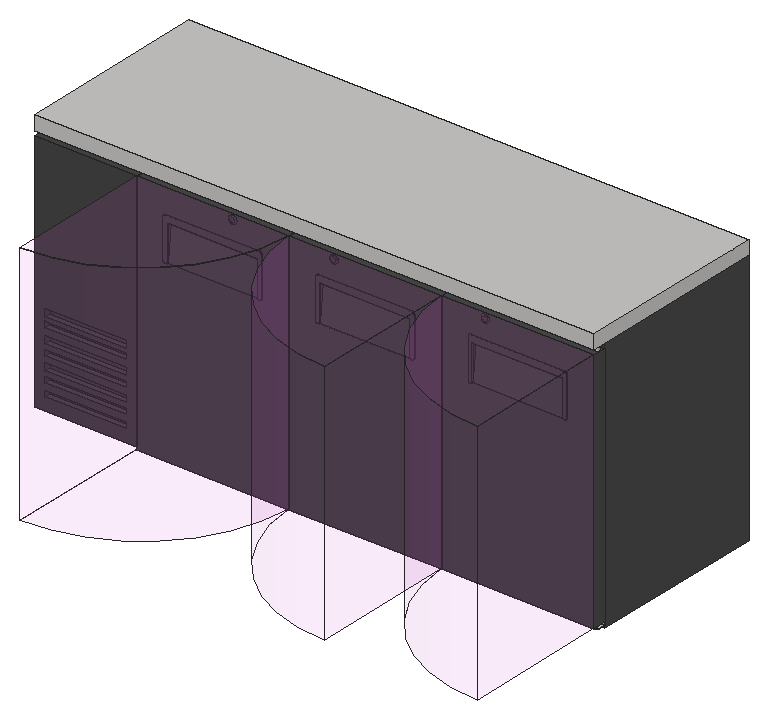
Revit family "QF_True_TBB24-72-3S-Z1-SFT-B-1_Solid_Swing_Door_Back_Bar", category Specialty Equipment, Revit 2021
Family settings
  Round Connector Dimension = Use Diameter
  Part Type = Normal
  Work Plane-Based = No
  Always vertical = Yes
  Cut with Voids When Loaded = No
  Shared = No
  Room Calculation Point = No
Parameters
  Weight in Pounds = 415
  Watts = Volts * FL Amps  # 368 W
  Volts = 115 V
  URL Cutsheet = ""
  Specification by User = ""
  Specification by Manufacturer = ""
  Show Seismic Flanged [instance] = yes
  Show Door Clearance [instance] = yes
  Show Default [instance] = if(or([Show 2" Casters], [Show 3" Casters]), or(or([Show 4" Casters], [Show 5" Casters], [Show 6" Legs]), and([Show 2" Casters], [Show 3" Casters]), and([Show 3" Casters], Show Seismic Flanged)), if(or([Show 4" Casters], [Show 5" Casters]), or(or([Show 6" Legs], Show Seismic Flanged), and([Show 4" Casters], [Show 5" Casters])), if([Show 6" Legs], Show Seismic Flanged, not(Show Seismic Flanged))))  # yes
  Show 6" Legs [instance] = yes
  Show 5" Casters [instance] = yes
  Show 4" Casters [instance] = yes
  Show 3" Casters [instance] = yes
  Show 2" Casters [instance] = yes
  Serial Number = ""
  Seismic Rating = ""
  SMACNA No = ""
  Revision Code = ""
  Phase = 1
  Number of Poles = 1
  NAFEM Spec ID Number = ""
  Model = "TBB24-72-3S-Z1-SFT-B-1"
  Min Ckt Ampacity = 0 A
  Max Overcurrent Protection = 0 A
  Masterspec = ""
  Manufacturer = "True"
  Length = 72 1/32"
  Item Number = ""
  Installed By = ""
  Identify Quantity as Lot = yes
  Height [instance] = Base Height + Body Height  # 34 23/32"
  HP = "1/4"
  Furnished By = ""
  Foodservice Equipment Identifier = yes
  FL Amps = 3.2 A
  Electrical Remarks = ""
  Electric Connection Type = ""
  Elec Conn RI Height = 0"
  Elec Conn Connection Height = 0"
  Door Finish [instance] = QF_Plastic - Black - Smooth
  Description = "Solid Swing Door Back Bar 24\" Depth Single Zone Cooler with Black Sub Top and Black Exterior"
  Depth = 24 7/8"
  Default Elevation = 0"
  Cycle = 60 Hz
  Counter Top Finish [instance] = QF_Metal_Stainless_Polished
  Conn Plug = "NEMA 5-15P"
  Conn Conduit = yes
  CSI MasterFormat = ""
  Body Height [instance] = 34 23/32"
  Body Finish [instance] = QF_Plastic - Black - Smooth
  Base Height [instance] = if(Show Default, 0", if([Show 2" Casters], 2", if([Show 3" Casters], 3", if([Show 4" Casters], 4", if([Show 5" Casters], 5", if([Show 6" Legs], 6", if(Show Seismic Flanged, 6", 0")))))))  # 0"
  Apparent Power = 0 VA
Reference planes (in)
  plane 1 "BACK": y = 0
  plane 2: z = 0
  plane 3 "LEFT": x = 0
  plane 4 "RIGHT": x = 72.03125
  plane 5 "FRONT": y = -24.875
  plane 6 "TOP": z = 34.71875
  plane 7 "Center Y": x = 36.01563
  plane 8 "Center X": y = -12.4375
  plane 9: z = 0
Dimensions and locks (in)
  equal spacing: plane 3 "LEFT", plane 7 "Center Y", plane 4 "RIGHT"
  "Length": plane 3 "LEFT" to plane 4 "RIGHT"
  equal spacing: plane 5 "FRONT", plane 8 "Center X", plane 1 "BACK"
  "Depth": plane 5 "FRONT" to plane 1 "BACK"
  plane 6 "TOP" to level = 34 23/32"
  "Body Height": plane 6 "TOP" to plane 9
  "Base Height": plane 9 to level
  aligned and locked: level to plane 2
  aligned and locked: nested 1 to plane 9
Nested families (in)
  nested 1: "TBB24-72-3S-Z1-BST-B-1" at (0, 0, 0), Show Door Clearance <- "Show Door Clearance", Body Finish <- "Body Finish", Counter Top Finishes <- "Counter Top Finish", Door Finish <- "Door Finish", type "TBB24-72-3S-Z1-BST-B-1"
    with Show Door Clearance yes, Door Finish QF_Plastic - Black - Smooth, Counter Top Finishes QF_Metal_Stainless_Polished, Body Finish QF_Plastic - Black - Smooth
  nested 2: "Family3" at (2.5, -20.9375, 0), Show 2" Casters <- "Show 2" Casters", Show 3" Casters <- "Show 3" Casters", Show 4" Casters <- "Show 4" Casters", Show 5" Casters <- "Show 5" Casters", Show 6" Legs <- "Show 6" Legs", Show Seismic Flanged <- "Show Seismic Flanged", type "Family3"
    with Show Seismic Flanged yes, Show 6" Legs yes, Show 5" Casters yes, Show 4" Casters yes, Show 3" Casters yes, Show 2" Casters yes
  nested 3: "Family3" at (69.53125, -20.9375, 0), Show 2" Casters <- "Show 2" Casters", Show 3" Casters <- "Show 3" Casters", Show 4" Casters <- "Show 4" Casters", Show 5" Casters <- "Show 5" Casters", Show 6" Legs <- "Show 6" Legs", Show Seismic Flanged <- "Show Seismic Flanged", type "Family3"
    with Show Seismic Flanged yes, Show 6" Legs yes, Show 5" Casters yes, Show 4" Casters yes, Show 3" Casters yes, Show 2" Casters yes
  nested 4: "Family3" at (2.5, -2.9375, 0), Show 2" Casters <- "Show 2" Casters", Show 3" Casters <- "Show 3" Casters", Show 4" Casters <- "Show 4" Casters", Show 5" Casters <- "Show 5" Casters", Show 6" Legs <- "Show 6" Legs", Show Seismic Flanged <- "Show Seismic Flanged", type "Family3"
    with Show Seismic Flanged yes, Show 6" Legs yes, Show 5" Casters yes, Show 4" Casters yes, Show 3" Casters yes, Show 2" Casters yes
  nested 5: "Family3" at (69.53125, -2.9375, 0), Show 2" Casters <- "Show 2" Casters", Show 3" Casters <- "Show 3" Casters", Show 4" Casters <- "Show 4" Casters", Show 5" Casters <- "Show 5" Casters", Show 6" Legs <- "Show 6" Legs", Show Seismic Flanged <- "Show Seismic Flanged", type "Family3"
    with Show Seismic Flanged yes, Show 6" Legs yes, Show 5" Casters yes, Show 4" Casters yes, Show 3" Casters yes, Show 2" Casters yes
Connectors (in)
  electrical at (5.92159, 0.23047, 18.36709), driven by "Volts", driven by "Watts"
    settings: on nested 1, index 1, voltage 115 V, apparent load 368 VA, apparent load phase1 0 VA, apparent load phase2 0 VA, apparent load phase3 0 VA, power factor 1, load classification "Other", number of poles 1, system type 30, power factor state 1, is connector primary yes, connector utility no, sub classification motor no, connector description "ELECTRICAL CONNECTION"
Definition of nested family "TBB24-72-3S-Z1-BST-B-1"
  Parameters (values of type "TBB24-72-3S-Z1-BST-B-1")
    Weight in Pounds = 0
    URL Cutsheet = ""
    Specification by User = ""
    Specification by Manufacturer = ""
    Show Door Clearance [instance] = yes
    Serial Number = ""
    Seismic Rating = ""
    SMACNA No = ""
    Revision Code = ""
    NAFEM Spec ID Number = ""
    Masterspec = ""
    Length = 72 1/32"
    Item Number = ""
    Installed By = ""
    Identify Quantity as Lot = yes
    Height = 34 23/32"
    Furnished By = ""
    Foodservice Equipment Identifier = yes
    Door Finish [instance] = none
    Depth = 24 7/8"
    Default Elevation = 0"
    Counter Top Finishes [instance] = none
    CSI MasterFormat = ""
    Body Finish [instance] = none
  Reference planes (in)
    plane 1 "BACK": y = 0
    plane 2: z = 0
    plane 3 "LEFT": x = 0
    plane 4 "RIGHT": x = 72.03125
    plane 5 "FRONT": y = -24.875
    plane 6 "TOP": z = 34.71875
    plane 7 "Center Y": x = 36.01563
    plane 8 "Center X": y = -12.4375
    plane 9: y = -43.625
    plane 10: z = 0.6875
    plane 11: z = 32.9375
    plane 12: z = 23.55589
  Forms (in)
    Extrusion 1, solid, material <- "Counter Top Finishes"
      sketch origin (0, 0, 0) x (1, 0, 0) y (0, 0, 1)
        loop
          line (0, 34.71875) -> (0, 32.9375) -> (72.03125, 32.9375) -> (72.03125, 34.71875) -> (0, 34.71875)
      from 0 to 24.875
    Extrusion 2, solid, material <- "Body Finish"
      sketch origin (0, 0, 0) x (0, 1, 0) y (0, 0, 1)
        loop
          line (0, 32.9375) -> (-23.09422, 32.9375) -> (-23.09422, 0) -> (0, 0) -> (0, 32.9375)
      from 0 to 72.03125
    Extrusion 3, solid
      sketch origin (0, -23.09422, 32.9375) x (0, 0, -1) y (1, 0, 0)
        loop
          line (0.66249, 0) -> (31.95758, 0) -> (31.95758, 13.15625) -> (0.66249, 13.15625) -> (0.66249, 0)
      from 0 to 1.78078
    Extrusion 4, void
      sketch origin (0, -24.875, 32.9375) x (0, 0, 1) y (1, 0, 0)
        loop
          line (-20.06297, 1.27626) -> (-20.06297, 11.8296) -> (-21.06297, 11.8296) -> (-21.06297, 1.27626) -> (-20.06297, 1.27626)
        loop
          line (-21.51705, 1.27626) -> (-21.51705, 11.8296) -> (-22.34419, 11.8296) -> (-22.34419, 1.27626) -> (-21.51705, 1.27626)
        loop
          line (-23.18797, 1.27626) -> (-23.18797, 11.8296) -> (-24.18797, 11.8296) -> (-24.18797, 1.27626) -> (-23.18797, 1.27626)
        loop
          line (-24.76705, 1.27626) -> (-24.76705, 11.8296) -> (-25.59419, 11.8296) -> (-25.59419, 1.27626) -> (-24.76705, 1.27626)
        loop
          line (-26.31297, 1.27626) -> (-26.31297, 11.8296) -> (-27.31297, 11.8296) -> (-27.31297, 1.27626) -> (-26.31297, 1.27626)
        loop
          line (-27.89205, 1.27626) -> (-27.89205, 11.8296) -> (-28.71919, 11.8296) -> (-28.71919, 1.27626) -> (-27.89205, 1.27626)
        loop
          line (-29.51705, 1.27626) -> (-29.51705, 11.8296) -> (-30.34419, 11.8296) -> (-30.34419, 1.27626) -> (-29.51705, 1.27626)
      from 0 to 0.83594
    Extrusion 5, solid
      sketch origin (0, 0, 32.6875) x (0, 0, 1) y (1, 0, 0)
        loop
          arc (-12.59037, 11.27264) -> (-12.81004, 11.80298) -> (-13.34037, 12.02264) r 0.75
          line (-13.34037, 12.02264) -> (-31.375, 12.02264)
          arc (-31.375, 12.02264) -> (-31.90533, 11.80298) -> (-32.125, 11.27264) r 0.75
          line (-32.125, 11.27264) -> (-32.125, 0.75)
          arc (-32.125, 0.75) -> (-31.90533, 0.21967) -> (-31.375, 0) r 0.75
          line (-31.375, 0) -> (-13.34037, 0)
          arc (-13.34037, 0) -> (-12.81004, 0.21967) -> (-12.59037, 0.75) r 0.75
          line (-12.59037, 0.75) -> (-12.59037, 5.19897) -> (-12.14941, 5.19897)
          arc (-12.14941, 5.19897) -> (-11.39941, 5.94897) -> (-12.14941, 6.69897) r 0.75
          line (-12.14941, 6.69897) -> (-12.59037, 6.69897) -> (-12.59037, 11.27264)
      from 0 to 0.03125
    Extrusion 6, solid
      sketch origin (0, 0.03125, 32.6875) x (0, 0, 1) y (1, 0, 0)
        loop
          line (-11.64941, 5.94897) -> (-11.89941, 6.38198) -> (-12.39941, 6.38198) -> (-12.64941, 5.94897) -> (-12.39941, 5.51596) -> (-11.89941, 5.51596) -> (-11.64941, 5.94897)
      from 0 to 0.19922
    Extrusion 7, solid
      sketch origin (0, 0.03125, 32.6875) x (0, 0, 1) y (1, 0, 0)
        loop
          circle (-14.32041, 5.92159) r 0.5
      from 0 to 0.19922
    Extrusion 8, solid, material <- "Door Finish"
      sketch origin (0, -23.09422, 32.9375) x (0, 0, -1) y (1, 0, 0)
        loop
          line (0.66249, 72.03125) -> (0.66249, 52.40625) -> (32.25, 52.40625) -> (32.25, 72.03125) -> (0.66249, 72.03125)
      from 0 to 1.78078
    Extrusion 9, solid, material <- "Door Finish"
      sketch origin (0, -23.09422, 32.9375) x (0, 0, -1) y (1, 0, 0)
        loop
          line (0.66249, 52.40625) -> (0.66249, 32.78125) -> (32.25, 32.78125) -> (32.25, 52.40625) -> (0.66249, 52.40625)
      from 0 to 1.78078
    Extrusion 10, solid, material <- "Door Finish"
      sketch origin (0, -23.09422, 32.9375) x (0, 0, -1) y (1, 0, 0)
        loop
          line (0.66249, 32.78125) -> (0.66249, 13.15625) -> (32.25, 13.15625) -> (32.25, 32.78125) -> (0.66249, 32.78125)
      from 0 to 1.78078
    Extrusion 11, solid, material <- "Door Finish"
      sketch origin (84, -24.875, 35.99786) x (0, 0, -1) y (1, 0, 0)
        loop
          arc (7.19767, -35.06214) -> (6.92975, -35.17312) -> (6.81877, -35.44104) r 0.37891
          line (6.81877, -35.44104) -> (6.81877, -47.37146)
          arc (6.81877, -47.37146) -> (6.92953, -47.63887) -> (7.19695, -47.74964) r 0.37818
          line (7.19695, -47.74964) -> (12.19377, -47.74964)
          arc (12.19377, -47.74964) -> (12.44197, -47.50143) -> (12.19377, -47.25323) r 0.2482
          line (12.19377, -47.25323) -> (8.12997, -47.25323)
          arc (8.12997, -47.25323) -> (7.86204, -47.14225) -> (7.75107, -46.87433) r 0.37891
          line (7.75107, -46.87433) -> (7.75107, -35.99995)
          arc (7.75107, -35.99995) -> (7.86204, -35.73202) -> (8.12997, -35.62104) r 0.37891
          line (8.12997, -35.62104) -> (12.16252, -35.62104)
          arc (12.16252, -35.62104) -> (12.44197, -35.34159) -> (12.16252, -35.06214) r 0.27945
          line (12.16252, -35.06214) -> (7.19767, -35.06214)
        loop
          line (7.19767, -67.40625) -> (12.16252, -67.40625)
          arc (12.16252, -67.40625) -> (12.44197, -67.1268) -> (12.16252, -66.84735) r 0.27945
          line (12.16252, -66.84735) -> (8.12997, -66.84735)
          arc (8.12997, -66.84735) -> (7.86204, -66.73637) -> (7.75107, -66.46844) r 0.37891
          line (7.75107, -66.46844) -> (7.75107, -55.59406)
          arc (7.75107, -55.59406) -> (7.86204, -55.32613) -> (8.12997, -55.21515) r 0.37891
          line (8.12997, -55.21515) -> (12.19377, -55.21515)
          arc (12.19377, -55.21515) -> (12.44197, -54.96695) -> (12.19377, -54.71875) r 0.2482
          line (12.19377, -54.71875) -> (7.19695, -54.71875)
          arc (7.19695, -54.71875) -> (6.92953, -54.82952) -> (6.81877, -55.09693) r 0.37818
          line (6.81877, -55.09693) -> (6.81877, -67.02734)
          arc (6.81877, -67.02734) -> (6.92975, -67.29527) -> (7.19767, -67.40625) r 0.37891
        loop
          arc (7.19767, -15.40625) -> (6.92975, -15.51723) -> (6.81877, -15.78516) r 0.37891
          line (6.81877, -15.78516) -> (6.81877, -27.71557)
          arc (6.81877, -27.71557) -> (6.92953, -27.98298) -> (7.19695, -28.09375) r 0.37818
          line (7.19695, -28.09375) -> (12.19377, -28.09375)
          arc (12.19377, -28.09375) -> (12.44197, -27.84555) -> (12.19377, -27.59735) r 0.2482
          line (12.19377, -27.59735) -> (8.12997, -27.59735)
          arc (8.12997, -27.59735) -> (7.86204, -27.48637) -> (7.75107, -27.21844) r 0.37891
          line (7.75107, -27.21844) -> (7.75107, -16.34406)
          arc (7.75107, -16.34406) -> (7.86204, -16.07613) -> (8.12997, -15.96515) r 0.37891
          line (8.12997, -15.96515) -> (12.16252, -15.96515)
          arc (12.16252, -15.96515) -> (12.44197, -15.6857) -> (12.16252, -15.40625) r 0.27945
          line (12.16252, -15.40625) -> (7.19767, -15.40625)
      from 0 to 0.03125
    Extrusion 12, void
      sketch origin (14.17365, -24.875, 27.86788) x (0, 0, 1) y (0, 1, 0)
        loop
          line (0.37891, -0.24253) -> (0.37891, 0.5) -> (-4.312, 0) -> (-4.312, -0.24253) -> (0.37891, -0.24253)
      from -2.979 to -14.61119
    Extrusion 13, void
      sketch origin (33.76777, -24.875, 27.86788) x (0, 0, 1) y (0, 1, 0)
        loop
          line (0.37891, -0.24253) -> (0.37891, 0.5) -> (-4.312, 0) -> (-4.312, -0.24253) -> (0.37891, -0.24253)
      from -2.979 to -14.61119
    Extrusion 14, void
      sketch origin (53.42365, -24.875, 27.86788) x (0, 0, 1) y (0, 1, 0)
        loop
          line (0.37891, -0.24253) -> (0.37891, 0.5) -> (-4.312, 0) -> (-4.312, -0.24253) -> (0.37891, -0.24253)
      from -2.979 to -14.61119
    Blend 15, solid, material <- "Door Finish"
      base sketch origin (55.62282, -24.875, 35.99786) x (0, 0, -1) y (1, 0, 0)
        loop
          circle (4.37806, -30.11945) r 0.5
      top sketch origin (55.62282, -24.875, 35.99786) x (0, 0, 1) y (1, 0, 0)
        loop
          circle (-4.37806, -30.11945) r 0.37406
      from 0 to 0.07959
    Blend 16, solid, material <- "Door Finish"
      base sketch origin (55.62282, -24.875, 35.99786) x (0, 0, -1) y (1, 0, 0)
        loop
          circle (4.37806, -17.0582) r 0.5
      top sketch origin (55.62282, -24.875, 35.99786) x (0, 0, 1) y (1, 0, 0)
        loop
          circle (-4.37806, -17.0582) r 0.37406
      from 0 to 0.07959
    Blend 17, solid, material <- "Door Finish"
      base sketch origin (75.12282, -24.875, 35.99786) x (0, 0, -1) y (1, 0, 0)
        loop
          circle (4.37806, -17.0582) r 0.5
      top sketch origin (75.12282, -24.875, 35.99786) x (0, 0, 1) y (1, 0, 0)
        loop
          circle (-4.37806, -17.0582) r 0.37406
      from 0 to 0.07959
    Revolve 18, solid
      sketch origin (13.65625, -180, 0.6875) x (0, 0, -1) y (0, -1, 0)
        loop
          line (-31.58751, -156.24977) -> (-32.25, -156.24977) -> (-32.25, -156.74977) -> (-32.1201, -156.74977) -> (-32.1201, -156.49977) -> (-31.58751, -156.49977) -> (-31.58751, -156.24977)
        axis (-32.25, -156.24977) -> (-31.58751, -156.24977)
      angle from 0 to 360
    Revolve 19, solid
      sketch origin (13.65532, -180.05443, 0.39756) x (0, 0, 1) y (0, 1, 0)
        loop
          line (0.28994, 156.29571) -> (0.28994, 156.48985) -> (0, 156.48985) -> (0, 156.29571) -> (0.28994, 156.29571)
        axis (0.28994, 156.29571) -> (0, 156.29571)
      angle from 0 to 360
    Revolve 20, solid
      sketch origin (71.53125, -180, 0.6875) x (0, 0, -1) y (0, 1, 0)
        loop
          line (-31.58751, 156.24977) -> (-31.58751, 156.49977) -> (-32.1201, 156.49977) -> (-32.1201, 156.74977) -> (-32.25, 156.74977) -> (-32.25, 156.24977) -> (-31.58751, 156.24977)
        axis (-32.25, 156.24977) -> (-31.58751, 156.24977)
      angle from 0 to 360
    Revolve 21, solid
      sketch origin (71.50341, -180.05443, 0.39756) x (0, 0, 1) y (0, -1, 0)
        loop
          line (0.28994, -156.29571) -> (0, -156.29571) -> (0, -156.48985) -> (0.28994, -156.48985) -> (0.28994, -156.29571)
        axis (0.28994, -156.29571) -> (0, -156.29571)
      angle from 0 to 360
    Extrusion 22, solid
      sketch origin (-14.8043, -180.46875, 0.33506) x (-1, 0, 0) y (0, -1, 0)
        loop
          line (-27.96055, -157.37453) -> (-27.96055, -156.39831)
          arc (-27.96055, -156.39831) -> (-28.00348, -156.29467) -> (-28.10712, -156.25173) r 0.14658
          line (-28.10712, -156.25173) -> (-28.51541, -156.25173)
          arc (-28.51541, -156.25173) -> (-28.59865, -156.26829) -> (-28.66923, -156.31545) r 0.21754
          line (-28.66923, -156.31545) -> (-29.51188, -157.1581)
          arc (-29.51188, -157.1581) -> (-29.53936, -157.29627) -> (-29.42223, -157.37453) r 0.12678
          line (-29.42223, -157.37453) -> (-27.96055, -157.37453)
        loop
          line (-67.21055, -157.37453) -> (-65.74886, -157.37453)
          arc (-65.74886, -157.37453) -> (-65.63173, -157.29627) -> (-65.65921, -157.1581) r 0.12678
          line (-65.65921, -157.1581) -> (-66.50186, -156.31545)
          arc (-66.50186, -156.31545) -> (-66.57244, -156.26829) -> (-66.65568, -156.25173) r 0.21754
          line (-66.65568, -156.25173) -> (-67.06397, -156.25173)
          arc (-67.06397, -156.25173) -> (-67.16761, -156.29467) -> (-67.21055, -156.39831) r 0.14658
          line (-67.21055, -156.39831) -> (-67.21055, -157.37453)
      from 0 to 0.0625
    Extrusion 23, solid
      sketch origin (-7.625, -23.09422, 32.9375) x (0, 0, -1) y (1, 0, 0)
        loop
          line (32.60244, 20.78125) -> (32.60244, 22.36972) -> (32.25, 22.36972) -> (32.25, 20.78125) -> (32.60244, 20.78125)
        loop
          line (32.60244, 60.03125) -> (32.25, 60.03125) -> (32.25, 58.44278) -> (32.60244, 58.44278) -> (32.60244, 60.03125)
      from 0 to 0.0625
    Revolve 24, solid
      sketch origin (51.90625, -180, 0.6875) x (0, 0, -1) y (0, 1, 0)
        loop
          line (-31.58751, 156.24977) -> (-31.58751, 156.49977) -> (-32.1201, 156.49977) -> (-32.1201, 156.74977) -> (-32.25, 156.74977) -> (-32.25, 156.24977) -> (-31.58751, 156.24977)
        axis (-32.25, 156.24977) -> (-31.58751, 156.24977)
      angle from 0 to 360
    Revolve 25, solid
      sketch origin (51.87841, -180.05443, 0.39756) x (0, 0, 1) y (0, -1, 0)
        loop
          line (0.28994, -156.29571) -> (0, -156.29571) -> (0, -156.48985) -> (0.28994, -156.48985) -> (0.28994, -156.29571)
        axis (0.28994, -156.29571) -> (0, -156.29571)
      angle from 0 to 360
    Extrusion 26, solid
      sketch origin (12, -23.09422, 32.9375) x (0, 0, -1) y (1, 0, 0)
        loop
          line (32.60244, 60.03125) -> (32.25, 60.03125) -> (32.25, 58.44278) -> (32.60244, 58.44278) -> (32.60244, 60.03125)
      from 0 to 0.0625
    Extrusion 27, solid
      sketch origin (4.8207, -180.46875, 0.33506) x (-1, 0, 0) y (0, -1, 0)
        loop
          line (-67.21055, -157.37453) -> (-65.74886, -157.37453)
          arc (-65.74886, -157.37453) -> (-65.63173, -157.29627) -> (-65.65921, -157.1581) r 0.12678
          line (-65.65921, -157.1581) -> (-66.50186, -156.31545)
          arc (-66.50186, -156.31545) -> (-66.57244, -156.26829) -> (-66.65568, -156.25173) r 0.21754
          line (-66.65568, -156.25173) -> (-67.06397, -156.25173)
          arc (-67.06397, -156.25173) -> (-67.16761, -156.29467) -> (-67.21055, -156.39831) r 0.14658
          line (-67.21055, -156.39831) -> (-67.21055, -157.37453)
      from 0 to 0.0625
    Extrusion 28, solid, visible <- "Show Door Clearance"
      sketch origin (45.95654, -23.09422, 0.6875) x (0, -1, 0) y (-1, 0, 0)
        loop
          arc (1.78078, 13.17529) -> (15.09548, 19.22374) -> (20.53077, 32.80029) r 19.625
          line (20.53077, 32.80029) -> (1.78078, 32.80029) -> (1.78078, 13.17529)
      from 0 to -31.58751
    Extrusion 29, solid, visible <- "Show Door Clearance"
      sketch origin (45.95654, -23.09422, 0.6875) x (0, -1, 0) y (-1, 0, 0)
        loop
          line (1.78078, 13.17529) -> (1.78078, -6.44971) -> (20.53077, -6.44971)
          arc (20.53077, -6.44971) -> (15.09548, 7.12683) -> (1.78078, 13.17529) r 19.625
      from 0 to -31.58751
    Extrusion 30, solid, visible <- "Show Door Clearance"
      sketch origin (45.95654, -23.09422, 0.6875) x (0, -1, 0) y (-1, 0, 0)
        loop
          line (1.78078, -6.44971) -> (1.78078, -26.07471) -> (20.53077, -26.07471)
          arc (20.53077, -26.07471) -> (15.09548, -12.49817) -> (1.78078, -6.44971) r 19.625
      from 0 to -31.58751
  Cuts and joins
    Extrusion 4 cuts Extrusion 2
    Extrusion 4 cuts Extrusion 3
    Extrusion 12, Extrusion 13 cuts Extrusion 10
    Extrusion 12, Extrusion 13, Extrusion 14 cuts Extrusion 11
    Extrusion 12, Extrusion 13, Extrusion 14 cuts Extrusion 9
    Extrusion 13, Extrusion 14 cuts Extrusion 8
  Lines and regions (in)
    Split face 1
      outline origin (0, 0.03125, 32.6875) x (0, 0, 1) y (1, 0, 0)
        loop
          line (-15.04167, 10.7061) -> (-29.59231, 10.7061) -> (-29.59231, 0.9561) -> (-15.04167, 0.9561) -> (-15.04167, 10.7061)
    Split face 2
      outline origin (72.03125, 0, 0) x (-1, 0, 0) y (0, 0, 1)
        loop
          line (60.03125, 32.9375) -> (60.03125, 0)
        loop
          line (57.65625, 0) -> (57.65625, 32.9375)
        loop
          line (2.75, 32.9375) -> (2.75, 0)
    Split face 3
      outline origin (0, -24.875, 32.27501) x (-1, 0, 0) y (0, 0, -1)
        loop
          line (-2.26866, 1.36126) -> (-2.26866, 2.86126) -> (-10.572, 2.86126) -> (-10.572, 1.36126) -> (-2.26866, 1.36126)
    symbolic lines
      curve 1: line (72.03125, 0, 0) -> (0, 0, 0)
      curve 2: line (0, 0, 0) -> (0, -24.875, 0)
      curve 3: line (0, -24.875, 0) -> (72.03125, -24.875, 0)
      curve 4: line (72.03125, -24.875, 0) -> (72.03125, 0, 0)
    symbolic lines, visible <- "Show Door Clearance"
      curve 5: arc (32.78125, -24.875, 0) -> (31.90289, -29.86816, 0) -> (29.77475, -34.46969, 0) r 19.625
      curve 6: arc (35.78775, -34.46969, 0) -> (33.65961, -29.86816, 0) -> (32.78125, -24.875, 0) r 19.625
      curve 7: arc (55.41275, -34.46969, 0) -> (53.28461, -29.86816, 0) -> (52.40625, -24.875, 0) r 19.625
      curve 8: line (13.15625, -24.875, 0) -> (29.77475, -34.46969, 0)
      curve 9: line (52.40625, -24.875, 0) -> (35.78775, -34.46969, 0)
      curve 10: line (72.03125, -24.875, 0) -> (55.41275, -34.46969, 0)
  Dimensions and locks (in)
    equal spacing: plane 3 "LEFT", plane 7 "Center Y", plane 4 "RIGHT"
    "Length": plane 3 "LEFT" to plane 4 "RIGHT"
    equal spacing: plane 5 "FRONT", plane 8 "Center X", plane 1 "BACK"
    "Depth": plane 5 "FRONT" to plane 1 "BACK"
    "Height": plane 6 "TOP" to level
    plane 1 "BACK" to plane 9 = 43 5/8"
    plane 10 to level = 11/16"
    plane 5 "FRONT" to plane 1 "BACK" = 24 7/8"
    plane 9 to plane 1 "BACK" = 43 5/8"
    plane 6 "TOP" to plane 11 = 1 25/32"
    plane 5 "FRONT" to plane 9 = 18 3/4"
    aligned and locked: level to plane 2
  Automatic sketch dimensions
    Extrusion 1 sketch curve to plane 3 "LEFT" = 0"
    plane 4 "RIGHT" to Extrusion 1 sketch curve = 0"
    Extrusion 1 sketch curve to plane 11 = 0"
    Extrusion 1 sketch curve to plane 6 "TOP" = 0"
    plane 11 to Extrusion 2 sketch curve = 0"
    Extrusion 2 sketch curve to level = 0"
    Extrusion 2 sketch curve to plane 1 "BACK" = 0"
    Extrusion 2 sketch curve to plane 5 "FRONT" = 1.78078"
    Extrusion 3 sketch curve to Extrusion 2 = 0"
    Extrusion 3 sketch curve to Extrusion 2 = 0.66249"
    Extrusion 3 sketch curve to Extrusion 2 = 0.97992"
    Extrusion 2 to Extrusion 3 sketch curve = 13 5/32"
    Extrusion 3 to Extrusion 4 sketch curve = 1.61339"
    Extrusion 4 sketch curve to Extrusion 4 sketch curve = 0.82714"  (x4)
    Extrusion 4 sketch curve to Extrusion 4 sketch curve = 0.79786"
    Extrusion 4 sketch curve to Extrusion 4 sketch curve = 0.57908"  (x2)
    Extrusion 4 sketch curve to Extrusion 4 sketch curve = 1"  (x3)
    Extrusion 4 sketch curve to Extrusion 4 sketch curve = 0.71878"
    Extrusion 4 sketch curve to Extrusion 4 sketch curve = 0.84378"
    Extrusion 4 sketch curve to Extrusion 4 sketch curve = 0.45408"
    Extrusion 3 to Extrusion 4 sketch curve = 1.27626"  (x2)
    Extrusion 4 sketch curve to Extrusion 4 sketch curve = 0"  (x11)
    Extrusion 3 to Extrusion 4 sketch curve = 1.32665"
    Extrusion 5 sketch curve to Extrusion 2 = 0"
    Extrusion 2 to Extrusion 5 sketch curve = 9/16"
    Extrusion 5 sketch curve to Extrusion 5 sketch curve = 3/4"  (x3)
    Extrusion 5 sketch curve to Extrusion 2 = 13.59037"
    Extrusion 2 to Extrusion 5 sketch curve = 3/4"
    Extrusion 5 sketch curve to Extrusion 5 sketch curve = 0"  (x2)
    Extrusion 5 sketch curve to Extrusion 5 sketch curve = 0.44096"
    Extrusion 5 sketch curve to Extrusion 5 sketch curve = 4.44897"
    Extrusion 5 sketch curve to Extrusion 5 sketch curve = 10.52264"
    Split face 1 sketch curve to Extrusion 5 = 2.53269"
    Split face 1 sketch curve to Extrusion 5 = 2.4513"
    Split face 1 sketch curve to Extrusion 5 = 0.9561"
    Split face 1 sketch curve to Extrusion 5 = 1.31655"
    Extrusion 6 sketch curve to Extrusion 5 = 0.05904"
    Extrusion 5 to Extrusion 6 sketch curve = 0.19096"  (x2)
    Extrusion 6 sketch curve to Extrusion 5 = 0.31699"  (x2)
    Extrusion 6 sketch curve to Extrusion 6 sketch curve = 1/2"  (x2)
    Extrusion 6 sketch curve to Extrusion 6 sketch curve = 1/4"
    Extrusion 6 sketch curve to Extrusion 6 sketch curve = 0.43301"  (x2)
    Extrusion 7 sketch curve to Extrusion 5 = 0.72262"
    Extrusion 7 sketch curve to Extrusion 5 = 1.73005"
    Split face 2 sketch curve to cut or joined group of Extrusion 2, Extrusion 4 = 0"  (x6)
    Split face 2 sketch curve to cut or joined group of Extrusion 2, Extrusion 4 = 2 3/4"
    Split face 2 sketch curve to cut or joined group of Extrusion 2, Extrusion 4 = 14 3/8"
    Split face 2 sketch curve to Split face 2 sketch curve = 2 3/8"
    Split face 3 sketch curve to cut or joined group of Extrusion 3, Extrusion 4 = 1.2576"
    Split face 3 sketch curve to cut or joined group of Extrusion 3, Extrusion 4 = 0.9924"
    Split face 3 sketch curve to cut or joined group of Extrusion 3, Extrusion 4 = 1.36126"
    Split face 3 sketch curve to Split face 3 sketch curve = 1 1/2"
    Extrusion 2 to Extrusion 8 sketch curve = 0"
    Extrusion 8 sketch curve to Extrusion 2 = 0.66249"
    Extrusion 8 sketch curve to Extrusion 2 = 11/16"
    Extrusion 2 to Extrusion 8 sketch curve = 19 5/8"
    Extrusion 9 sketch curve to Extrusion 2 = 0.66249"
    Extrusion 9 sketch curve to Extrusion 2 = 11/16"
    Extrusion 2 to Extrusion 9 sketch curve = 32 25/32"
    Extrusion 2 to Extrusion 9 sketch curve = 19 5/8"
    Extrusion 10 sketch curve to Extrusion 2 = 0.66249"
    Extrusion 10 sketch curve to Extrusion 2 = 11/16"
    Extrusion 2 to Extrusion 10 sketch curve = 13 5/32"
    Extrusion 10 sketch curve to Extrusion 10 sketch curve = 19 5/8"
    plane 11 to Extrusion 11 sketch curve = 3.75841"  (x3)
    Extrusion 11 sketch curve to Extrusion 11 sketch curve = 0.37818"  (x3)
    plane 7 "Center Y" to Extrusion 11 sketch curve = 0.23474"
    Extrusion 11 sketch curve to Extrusion 11 sketch curve = 97/256"  (x9)
    Extrusion 11 sketch curve to Extrusion 11 sketch curve = 0.55339"  (x2)
    Extrusion 11 sketch curve to Extrusion 11 sketch curve = 0.55412"
    plane 12 to Extrusion 11 sketch curve = 0.27945"  (x3)
    plane 12 to Extrusion 11 sketch curve = 0.2482"  (x3)
    Extrusion 11 sketch curve to plane 7 "Center Y" = 6 47/64"
    Extrusion 11 sketch curve to Extrusion 11 sketch curve = 0.2482"  (x3)
    Extrusion 11 sketch curve to Extrusion 11 sketch curve = 10.87438"  (x2)
    Extrusion 11 sketch curve to Extrusion 11 sketch curve = 0.5589"  (x3)
    Extrusion 11 sketch curve to Extrusion 11 sketch curve = 6.96839"
    plane 4 "RIGHT" to Extrusion 11 sketch curve = 4.37531"
    Extrusion 12 sketch curve to plane 5 "FRONT" = 0"
    Extrusion 12 sketch curve to plane 12 = 0"
    plane 5 "FRONT" to Extrusion 12 sketch curve = 0.24253"
    plane 11 to Extrusion 12 sketch curve = 4.69071"
    Extrusion 12 sketch curve to plane 5 "FRONT" = 1/2"
    Extrusion 13 sketch curve to plane 5 "FRONT" = 0"
    Extrusion 13 sketch curve to plane 12 = 0"
    plane 5 "FRONT" to Extrusion 13 sketch curve = 0.24253"
    plane 11 to Extrusion 13 sketch curve = 4.69071"
    Extrusion 13 sketch curve to plane 5 "FRONT" = 1/2"
    Extrusion 14 sketch curve to plane 5 "FRONT" = 0"
    Extrusion 14 sketch curve to plane 12 = 0"
    plane 5 "FRONT" to Extrusion 14 sketch curve = 0.24253"
    plane 11 to Extrusion 14 sketch curve = 4.69071"
    Extrusion 14 sketch curve to plane 5 "FRONT" = 1/2"
    plane 11 to Blend 15 sketch curve = 1.31771"  (x2)
    Blend 15 sketch curve to plane 7 "Center Y" = 10.51226"  (x2)
    plane 11 to Blend 16 sketch curve = 1.31771"  (x2)
    plane 7 "Center Y" to Blend 16 sketch curve = 2.54899"  (x2)
    plane 11 to Blend 17 sketch curve = 1.31771"  (x2)
    plane 4 "RIGHT" to Blend 17 sketch curve = 13.96663"  (x2)
    plane 11 to Revolve 18 sketch curve = 0"  (x2)
    plane 11 to Revolve 18 sketch curve = 0.1299"  (x2)
    Revolve 18 sketch curve to Revolve 18 sketch curve = 0.53259"
    Revolve 18 sketch curve to plane 5 "FRONT" = 1.62477"
    Revolve 18 sketch curve to Revolve 18 sketch curve = 1/4"  (x2)
    Revolve 18 sketch curve to Revolve 18 sketch curve = 0"
    Revolve 19 sketch curve to plane 10 = 0"  (x2)
    Revolve 19 sketch curve to plane 10 = 0.28994"
    Revolve 19 sketch curve to plane 5 "FRONT" = 1.11628"
    Revolve 19 sketch curve to Revolve 19 sketch curve = 0.19414"
    Revolve 19 sketch curve to plane 10 = 0.14497"
    Revolve 19 sketch curve to Revolve 19 sketch curve = 0"
    plane 11 to Revolve 20 sketch curve = 0"  (x2)
    plane 11 to Revolve 20 sketch curve = 0.1299"  (x2)
    Revolve 20 sketch curve to Revolve 20 sketch curve = 0.53259"
    Revolve 20 sketch curve to plane 5 "FRONT" = 1.12477"
    Revolve 20 sketch curve to Revolve 20 sketch curve = 1/4"  (x2)
    Revolve 20 sketch curve to Revolve 20 sketch curve = 0"
    Revolve 21 sketch curve to plane 10 = 0"  (x2)
    Revolve 21 sketch curve to plane 10 = 0.28994"
    Revolve 21 sketch curve to plane 5 "FRONT" = 1.31042"
    Revolve 21 sketch curve to Revolve 21 sketch curve = 0.19414"
    Revolve 21 sketch curve to plane 10 = 0.14497"
    Revolve 21 sketch curve to Revolve 21 sketch curve = 0"
    Extrusion 22 sketch curve to plane 5 "FRONT" = 1.78078"
    plane 7 "Center Y" to Extrusion 22 sketch curve = 16 25/64"
    Extrusion 22 sketch curve to Extrusion 22 sketch curve = 0.14658"  (x2)
    Extrusion 22 sketch curve to Extrusion 22 sketch curve = 0.40828"  (x2)
    Extrusion 22 sketch curve to plane 5 "FRONT" = 0.7217"  (x2)
    Extrusion 22 sketch curve to Extrusion 22 sketch curve = 0.15382"  (x4)
    Extrusion 22 sketch curve to Extrusion 22 sketch curve = 0.90682"
    Extrusion 22 sketch curve to plane 5 "FRONT" = 1.56435"  (x2)
    Extrusion 22 sketch curve to Extrusion 22 sketch curve = 0.08965"  (x2)
    plane 3 "LEFT" to Extrusion 22 sketch curve = 14.70758"
    Extrusion 22 sketch curve to Extrusion 22 sketch curve = 0.84265"
    Extrusion 22 sketch curve to Extrusion 22 sketch curve = 1.05908"
    Extrusion 23 sketch curve to plane 10 = 0"  (x2)
    level to Extrusion 23 sketch curve = 0.33506"  (x2)
    plane 3 "LEFT" to Extrusion 23 sketch curve = 13 5/32"
    Extrusion 23 sketch curve to Extrusion 23 sketch curve = 1.58847"  (x2)
    plane 7 "Center Y" to Extrusion 23 sketch curve = 14.80216"
    plane 11 to Revolve 24 sketch curve = 0"  (x2)
    plane 11 to Revolve 24 sketch curve = 0.1299"  (x2)
    Revolve 24 sketch curve to Revolve 24 sketch curve = 0.53259"
    Revolve 24 sketch curve to plane 5 "FRONT" = 1.12477"
    Revolve 24 sketch curve to Revolve 24 sketch curve = 1/4"  (x2)
    Revolve 24 sketch curve to Revolve 24 sketch curve = 0"
    Revolve 25 sketch curve to plane 10 = 0"  (x2)
    Revolve 25 sketch curve to plane 10 = 0.28994"
    Revolve 25 sketch curve to plane 5 "FRONT" = 1.31042"
    Revolve 25 sketch curve to Revolve 25 sketch curve = 0.19414"
    Revolve 25 sketch curve to plane 10 = 0.14497"
    Revolve 25 sketch curve to Revolve 25 sketch curve = 0"
    plane 4 "RIGHT" to Extrusion 26 sketch curve = 0"
    Extrusion 26 sketch curve to plane 10 = 0"
    level to Extrusion 26 sketch curve = 0.33506"
    plane 4 "RIGHT" to Extrusion 26 sketch curve = 1.58847"
    Extrusion 27 sketch curve to plane 4 "RIGHT" = 0"
    plane 4 "RIGHT" to Extrusion 27 sketch curve = 0.14658"
    Extrusion 27 sketch curve to Extrusion 27 sketch curve = 0.40828"
    Extrusion 27 sketch curve to Extrusion 27 sketch curve = 0.15382"
    Extrusion 27 sketch curve to Extrusion 27 sketch curve = 0.90682"
    Extrusion 27 sketch curve to Extrusion 27 sketch curve = 0.08965"
    Extrusion 27 sketch curve to plane 5 "FRONT" = 1.78078"
    Extrusion 27 sketch curve to Extrusion 27 sketch curve = 0.12678"
    Extrusion 27 sketch curve to plane 5 "FRONT" = 0.87552"
    Extrusion 27 sketch curve to Extrusion 27 sketch curve = 0.07096"
    Extrusion 28 sketch curve to Extrusion 8 = 0"
    Extrusion 28 sketch curve to Extrusion 8 = 7/8"
    Extrusion 8 to Extrusion 28 sketch curve = 18 3/4"
    Extrusion 8 to Extrusion 28 sketch curve = 39 1/4"
    Extrusion 28 sketch curve to Extrusion 28 sketch curve = 5/256"
    Extrusion 29 sketch curve to Extrusion 8 = 0"  (x2)
    Extrusion 8 to Extrusion 29 sketch curve = 5/256"
    Extrusion 29 sketch curve to Extrusion 8 = 7/8"
    Extrusion 8 to Extrusion 29 sketch curve = 18 3/4"
    Extrusion 30 sketch curve to Extrusion 8 = 0"  (x3)
    Extrusion 8 to Extrusion 30 sketch curve = 5/256"
    Extrusion 30 sketch curve to Extrusion 8 = 7/8"
    plane 1 "BACK" to curve 1 = 0"
    curve 1 to plane 3 "LEFT" = 0"
    plane 5 "FRONT" to curve 8 = 0"
    curve 4 to plane 4 "RIGHT" = 0"
    curve 5 to plane 5 "FRONT" = 7/8"
    plane 3 "LEFT" to curve 5 = 13 45/256"
    curve 8 to plane 7 "Center Y" = 6.24088"
    curve 9 to plane 7 "Center Y" = 0.22787"
    curve 6 to plane 5 "FRONT" = 7/8"
    curve 6 to curve 9 = 5/256"
    plane 4 "RIGHT" to curve 7 = 5/256"
    plane 9 to curve 8 = 9.15531"
    curve 8 to curve 9 = 0"
    curve 7 to plane 5 "FRONT" = 7/8"
    curve 8 to curve 5 = 5/256"
    curve 7 to curve 10 = 3.0065"
    plane 9 to curve 10 = 9.15531"
    radius of Extrusion 7 sketch curve = 1/2"
    radius of Blend 15 sketch curve = 1/2"
    radius of Blend 15 sketch curve = 0.37406"
    radius of Blend 16 sketch curve = 1/2"
    radius of Blend 16 sketch curve = 0.37406"
    radius of Blend 17 sketch curve = 1/2"
    radius of Blend 17 sketch curve = 0.37406"
Definition of nested family "Family3"
  Parameters (values of type "Family3")
    Weight in Pounds = 0
    URL Cutsheet = ""
    Specification by User = ""
    Specification by Manufacturer = ""
    Show Seismic Flanged [instance] = yes
    Show 6" Legs [instance] = yes
    Show 5" Casters [instance] = yes
    Show 4" Casters [instance] = yes
    Show 3" Casters [instance] = yes
    Show 2" Casters [instance] = yes
    Serial Number = ""
    Seismic Rating = ""
    SMACNA No = ""
    Revision Code = ""
    NAFEM Spec ID Number = ""
    Masterspec = ""
    Length = 0"
    Item Number = ""
    Installed By = ""
    Identify Quantity as Lot = yes
    Height = 0"
    Furnished By = ""
    Foodservice Equipment Identifier = yes
    Depth = 0"
    Default Elevation = 0"
    CSI MasterFormat = ""
  Reference planes (in)
    plane 1 "BACK": y = 0
    plane 2: z = 0
    plane 3 "LEFT": x = 0
    plane 4 "RIGHT": x = 0
    plane 5 "FRONT": y = 0
    plane 6 "TOP": z = 0
    plane 7 "Center Y": x = 0
    plane 8 "Center X": y = 0
  Dimensions and locks (in)
    equal spacing: plane 3 "LEFT", plane 7 "Center Y", plane 4 "RIGHT"
    "Length": plane 3 "LEFT" to plane 4 "RIGHT"
    equal spacing: plane 5 "FRONT", plane 8 "Center X", plane 1 "BACK"
    "Depth": plane 5 "FRONT" to plane 1 "BACK"
    "Height": plane 6 "TOP" to level
    aligned and locked: level to plane 2
  Nested families (in)
    nested 1: "2 INCHES_CASTER" at (0, 0, 0), 2 Inches Caster <- "Show 2" Casters", type "2 INCHES_CASTER"
      with Type Mark "", Specification by User "", Revision Code "", Item Number "", Installed By "", Identify Quantity as Lot yes, Furnished By "", Foodservice Equipment Identifier yes, 2 Inches Caster yes
    nested 2: "3 INCHES 01_CASTER" at (0, 0, 0), 3 Inches Caster <- "Show 3" Casters", type "3 INCHES 01_CASTER"
      with Type Mark "", Specification by User "", Revision Code "", Item Number "", Installed By "", Identify Quantity as Lot yes, Furnished By "", Foodservice Equipment Identifier yes, 3 Inches Caster yes
    nested 3: "4 INCHES_CASTER" at (0, 0, 0), Show 4 Inches Casters <- "Show 4" Casters", type "4 INCHES_CASTER"
      with Type Mark "", Specification by User "", Show 4 Inches Casters yes, Revision Code "", Item Number "", Installed By "", Identify Quantity as Lot yes, Furnished By "", Foodservice Equipment Identifier yes
    nested 4: "5 INCHES 01_CASTER 2" at (0, 0, 0), Show 5" Casters <- "Show 5" Casters", type "5 INCHES 01_CASTER 2"
      with Type Mark "", Specification by User "", Show 5" Casters yes, Revision Code "", Key Locks no, Item Number "", Installed By "", Identify Quantity as Lot yes, Furnished By "", Foodservice Equipment Identifier yes
    nested 5: "6 INCHES LEGS" at (0, 0, 0), Show 6" Legs <- "Show 6" Legs", type "6 INCHES LEGS"
      with Type Mark "", Status "", Specification by User "", Show Seismic Flanged no, Show 6" Legs yes, Revision Code "", Item Number "", Installed By "", Identify Quantity as Lot yes, Furnished By "", Foodservice Equipment Identifier yes
    nested 6: "6 INCHES LEGS WITH FLANGED" at (0, 0, 0), visible <- "Show Seismic Flanged", Show 6" Seismic Flanged <- "Show Seismic Flanged", type "6 INCHES LEGS WITH FLANGED"
      with Type Mark "", Status "", Specification by User "", Revision Code "", Item Number "", Installed By "", Identify Quantity as Lot yes, Furnished By "", Foodservice Equipment Identifier yes
  Definition of nested family "2 INCHES_CASTER"
    Parameters (values of type "2 INCHES_CASTER")
      Weight = ""
      URL Manufacturer = ""
      URL Cutsheet = ""
      URL = ""
      Type Mark [instance] = ""
      Specification by User [instance] = ""
      Specification by Manufacturer = ""
      Serial Number = ""
      Seismic Rating = ""
      SMACNA No = ""
      Revision Code [instance] = ""
      Omniclass Number and Title = ""
      NAFEM Spec ID Number = ""
      Model = ""
      MasterSpec. = ""
      Manufacturer = ""
      Item Number [instance] = ""
      Installed By [instance] = ""
      Identify Quantity as Lot [instance] = yes
      Furnished By [instance] = ""
      Foodservice Equipment Identifier [instance] = yes
      Description = ""
      Default Elevation = 0"
      CSI MasterFormat = ""
      CSI Master Format = ""
      Assembly Code = ""
      2 Inches Caster [instance] = yes
    Reference planes (in)
      plane 1: z = 0
      plane 2 "RIGHT": x = 0
      plane 3 "FRONT": y = 0
      plane 4 "TOP": z = 2
    Forms (in)
      Revolve 1, solid, visible <- "2 Inches Caster"
        sketch origin (-1.93794, 0.46818, -1.0041) x (1, 0, 0) y (0, 0, 1)
          loop
            line (0.74055, 1.86347) -> (0.74055, 1.78797) -> (0.79055, 1.73797) -> (0.85055, 1.73797) -> (0.85055, 1.6179) -> (1.235, 1.6179) -> (1.235, 1.55055) -> (1.38673, 1.46295) -> (1.4003, 1.3791) -> (1.34375, 1.3791) -> (1.34375, 1.2541) -> (1.375, 1.2541) -> (1.375, 1.0041) -> (2.48438, 1.0041) -> (2.48438, 1.2541) -> (2.51563, 1.2541) -> (2.51563, 1.3791) -> (2.45908, 1.3791) -> (2.47322, 1.46647) -> (2.62438, 1.55374) -> (2.62438, 1.6179) -> (3.04007, 1.6179) -> (3.04007, 1.73797) -> (3.10007, 1.73797) -> (3.15007, 1.78797) -> (3.15007, 1.86347) -> (0.74055, 1.86347)
          axis (0.74055, 1.86347) -> (3.15007, 1.86347)
        angle from 0 to 360
      Extrusion 2, solid, visible <- "2 Inches Caster"
        sketch origin (-1.93794, 1.43296, -3.41527) x (0, 1, 0) y (0, 0, 1)
          loop
            line (-0.64294, 5.3791) -> (-2.21294, 5.3791) -> (-2.21294, 5.24769) -> (-1.37414, 5.24769)
            arc (-1.37414, 5.24769) -> (-0.62115, 5.15851) -> (0.05138, 4.80832) r 2.10495
            line (0.05138, 4.80832) -> (0.12713, 4.91318)
            arc (0.12713, 4.91318) -> (-0.07255, 5.06376) -> (-0.29048, 5.18644) r 1.8753
            line (-0.29048, 5.18644) -> (-0.22239, 5.30423)
            arc (-0.22239, 5.30423) -> (-0.42936, 5.36024) -> (-0.64294, 5.3791) r 1.21859
        from 1.17357 to 2.70231
      Revolve 3, solid, visible <- "2 Inches Caster"
        sketch origin (0, 1.73858, -3.75) x (0, 1, 0) y (0, 0, 1)
          loop
            line (-1.73858, 5.71382) -> (-1.05793, 5.71382) -> (-1.05793, 5.75) -> (-1.73858, 5.75) -> (-1.73858, 5.71382)
          axis (-1.73858, 5.71382) -> (-1.73858, 5.75319)
        angle from 0 to 360
      Extrusion 4, solid, visible <- "2 Inches Caster"
        sketch origin (-1.98481, 1.43296, -1.7541) x (0, 1, 0) y (0, 0, 1)
          loop
            line (-2.21294, 3.71792) -> (-2.21294, 3.58652) -> (-1.94904, 3.58652)
            arc (-1.94904, 3.58652) -> (-1.56115, 3.28048) -> (-1.39241, 2.81612) r 0.90292
            arc (-1.39241, 2.81612) -> (-1.36136, 2.62044) -> (-1.29729, 2.43295) r 1.15385
            arc (-1.29729, 2.43295) -> (-0.94802, 2.21237) -> (-0.6121, 2.45278) r 0.37001
            arc (-0.6121, 2.45278) -> (-0.59625, 2.50123) -> (-0.58446, 2.55082) r 0.61695
            arc (-0.58446, 2.55082) -> (-0.36134, 2.95548) -> (0.05609, 3.15367) r 0.75313
            line (0.05609, 3.15367) -> (0.12713, 3.252)
            arc (0.12713, 3.252) -> (-0.07255, 3.40259) -> (-0.29048, 3.52526) r 1.8753
            line (-0.29048, 3.52526) -> (-0.22239, 3.64306)
            arc (-0.22239, 3.64306) -> (-0.42936, 3.69906) -> (-0.64294, 3.71792) r 1.21859
            line (-0.64294, 3.71792) -> (-2.21294, 3.71792)
        from 2.74918 to 2.90825
      Extrusion 5, solid, visible <- "2 Inches Caster"
        sketch origin (1.98481, 1.43296, -1.7541) x (0, 1, 0) y (0, 0, -1)
          loop
            arc (-0.58446, -2.55082) -> (-0.59625, -2.50123) -> (-0.6121, -2.45278) r 0.61695
            arc (-0.6121, -2.45278) -> (-0.94802, -2.21237) -> (-1.29729, -2.43295) r 0.37001
            arc (-1.29729, -2.43295) -> (-1.36136, -2.62044) -> (-1.39241, -2.81612) r 1.15385
            arc (-1.39241, -2.81612) -> (-1.56115, -3.28048) -> (-1.94904, -3.58652) r 0.90292
            line (-1.94904, -3.58652) -> (-2.21294, -3.58652) -> (-2.21294, -3.71792) -> (-0.64294, -3.71792)
            arc (-0.64294, -3.71792) -> (-0.42936, -3.69906) -> (-0.22239, -3.64306) r 1.21859
            line (-0.22239, -3.64306) -> (-0.29048, -3.52526)
            arc (-0.29048, -3.52526) -> (-0.07255, -3.40259) -> (0.12713, -3.252) r 1.8753
            line (0.12713, -3.252) -> (0.05609, -3.15367)
            arc (0.05609, -3.15367) -> (-0.36134, -2.95548) -> (-0.58446, -2.55082) r 0.75313
        from 2.74918 to 2.90825
    Cuts and joins
      joined: Revolve 1, Extrusion 4, Extrusion 5
    Lines and regions (in)
      symbolic lines, visible <- "2 Inches Caster"
        curve 1: line (0.10651, 1.59133, 0) -> (0.80944, 1.1855, 0)
        curve 2: line (-0.89349, -0.14072, 0) -> (0.10651, 1.59133, 0)
        curve 3: line (-0.19056, -0.54656, 0) -> (-0.89349, -0.14072, 0)
        curve 4: line (0.80944, 1.1855, 0) -> (-0.19056, -0.54656, 0)
    Dimensions and locks (in)
      plane 4 "TOP" to level = 2"  (x2)
      aligned and locked: level to plane 1
  Definition of nested family "3 INCHES 01_CASTER"
    Parameters (values of type "3 INCHES 01_CASTER")
      Weight = ""
      URL Manufacturer = ""
      URL Cutsheet = ""
      URL = ""
      Type Mark [instance] = ""
      Specification by User [instance] = ""
      Specification by Manufacturer = ""
      Serial Number = ""
      Seismic Rating = ""
      SMACNA No = ""
      Revision Code [instance] = ""
      Omniclass Number and Title = ""
      NAFEM Spec ID Number = ""
      Model = ""
      MasterSpec. = ""
      Manufacturer = ""
      Item Number [instance] = ""
      Installed By [instance] = ""
      Identify Quantity as Lot [instance] = yes
      Furnished By [instance] = ""
      Foodservice Equipment Identifier [instance] = yes
      Description = ""
      Default Elevation = 0"
      CSI MasterFormat = ""
      CSI Master Format = ""
      Assembly Code = ""
      3 Inches Caster [instance] = yes
    Reference planes (in)
      plane 1: z = 0
      plane 2 "RIGHT": x = 0
      plane 3 "FRONT": y = 0
      plane 4 "TOP": z = 3
    Forms (in)
      Revolve 1, solid, visible <- "3 Inches Caster"
        sketch origin (-1.93794, 0.56004, -1.0041) x (1, 0, 0) y (0, 0, 1)
          loop
            line (0.74055, 2.11347) -> (0.74055, 2.03797) -> (0.79055, 1.98797) -> (0.85055, 1.98797) -> (0.85055, 1.8679) -> (1.235, 1.8679) -> (1.235, 1.7068) -> (1.36441, 1.63209) -> (1.4003, 1.41035) -> (1.34375, 1.41035) -> (1.34375, 1.28535) -> (1.375, 1.28535) -> (1.375, 1.0041) -> (2.48438, 1.0041) -> (2.48438, 1.28535) -> (2.51563, 1.28535) -> (2.51563, 1.41035) -> (2.45908, 1.41035) -> (2.49553, 1.6356) -> (2.62438, 1.70999) -> (2.62438, 1.8679) -> (3.04007, 1.8679) -> (3.04007, 1.98797) -> (3.10007, 1.98797) -> (3.15007, 2.03797) -> (3.15007, 2.11347) -> (0.74055, 2.11347)
          axis (0.74055, 2.11347) -> (3.15007, 2.11347)
        angle from 0 to 360
      Extrusion 2, solid, visible <- "3 Inches Caster"
        sketch origin (-1.93794, 1.35294, -3.2541) x (0, 1, 0) y (0, 0, 1)
          loop
            line (-0.41094, 5.86793) -> (-0.41094, 6.01276) -> (-2.29494, 6.01276) -> (-2.29494, 5.71244) -> (-1.82301, 5.71244)
            arc (-1.82301, 5.71244) -> (-1.00307, 5.59865) -> (-0.19592, 5.41488) r 9.6332
            arc (-0.19592, 5.41488) -> (0.12646, 5.29481) -> (0.42224, 5.11916) r 1.92059
            line (0.42224, 5.11916) -> (0.51314, 5.245)
            arc (0.51314, 5.245) -> (0.27353, 5.42569) -> (0.01201, 5.5729) r 2.25036
            line (0.01201, 5.5729) -> (0.09371, 5.71426)
            arc (0.09371, 5.71426) -> (-0.15272, 5.81043) -> (-0.41094, 5.86793) r 1.73151
        from 1.17357 to 2.70231
      Revolve 3, solid, visible <- "3 Inches Caster"
        sketch origin (0, 1.73858, -3.25) x (0, 1, 0) y (0, 0, 1)
          loop
            line (-1.73858, 6.25) -> (-1.73858, 6.00866) -> (-0.93293, 6.00866) -> (-0.93293, 6.25) -> (-1.73858, 6.25)
          axis (-1.73858, 6.00866) -> (-1.73858, 6.25)
        angle from 0 to 360
      Extrusion 4, solid, visible <- "3 Inches Caster"
        sketch origin (-1.98481, 1.35294, -1.7541) x (0, 1, 0) y (0, 0, 1)
          loop
            line (-2.29494, 4.51276) -> (-2.29494, 4.21244) -> (-2.2074, 4.21244)
            arc (-2.2074, 4.21244) -> (-1.58796, 3.87196) -> (-1.3103, 3.22193) r 1.0835
            arc (-1.3103, 3.22193) -> (-1.27304, 2.98711) -> (-1.19616, 2.76214) r 1.38462
            arc (-1.19616, 2.76214) -> (-0.77704, 2.49744) -> (-0.37393, 2.78593) r 0.44401
            arc (-0.37393, 2.78593) -> (-0.35491, 2.84407) -> (-0.34077, 2.90358) r 0.74034
            arc (-0.34077, 2.90358) -> (-0.07302, 3.38916) -> (0.4279, 3.62699) r 0.90376
            line (0.4279, 3.62699) -> (0.51314, 3.745)
            arc (0.51314, 3.745) -> (0.27353, 3.92569) -> (0.01201, 4.0729) r 2.25036
            line (0.01201, 4.0729) -> (0.09371, 4.21426)
            arc (0.09371, 4.21426) -> (-0.15272, 4.31043) -> (-0.41094, 4.36793) r 1.73151
            line (-0.41094, 4.36793) -> (-0.41094, 4.51276) -> (-2.29494, 4.51276)
        from 2.74918 to 2.90825
      Extrusion 5, solid, visible <- "3 Inches Caster"
        sketch origin (1.98481, 1.35294, -1.7541) x (0, 1, 0) y (0, 0, -1)
          loop
            line (-2.29494, -4.51276) -> (-0.41094, -4.51276) -> (-0.41094, -4.36793)
            arc (-0.41094, -4.36793) -> (-0.15272, -4.31043) -> (0.09371, -4.21426) r 1.73151
            line (0.09371, -4.21426) -> (0.01201, -4.0729)
            arc (0.01201, -4.0729) -> (0.27353, -3.92569) -> (0.51314, -3.745) r 2.25036
            line (0.51314, -3.745) -> (0.4279, -3.62699)
            arc (0.4279, -3.62699) -> (-0.07302, -3.38916) -> (-0.34077, -2.90358) r 0.90376
            arc (-0.34077, -2.90358) -> (-0.35491, -2.84407) -> (-0.37393, -2.78593) r 0.74034
            arc (-0.37393, -2.78593) -> (-0.77704, -2.49744) -> (-1.19616, -2.76214) r 0.44401
            arc (-1.19616, -2.76214) -> (-1.27304, -2.98711) -> (-1.3103, -3.22193) r 1.38462
            arc (-1.3103, -3.22193) -> (-1.58796, -3.87196) -> (-2.2074, -4.21244) r 1.0835
            line (-2.2074, -4.21244) -> (-2.29494, -4.21244) -> (-2.29494, -4.51276)
        from 2.74918 to 2.90825
    Cuts and joins
      joined: Extrusion 2, Extrusion 4, Extrusion 5
    Lines and regions (in)
      symbolic lines, visible <- "3 Inches Caster"
        curve 1: line (0.1877, 1.65194, 0) -> (0.89063, 1.2461, 0)
        curve 2: line (-1.00175, -0.40823, 0) -> (0.1877, 1.65194, 0)
        curve 3: line (-0.29881, -0.81407, 0) -> (-1.00175, -0.40823, 0)
        curve 4: line (0.89063, 1.2461, 0) -> (-0.29881, -0.81407, 0)
    Dimensions and locks (in)
      plane 4 "TOP" to level = 3"  (x2)
      aligned and locked: level to plane 1
  Definition of nested family "4 INCHES_CASTER"
    Parameters (values of type "4 INCHES_CASTER")
      Weight = ""
      URL Manufacturer = ""
      URL Cutsheet = ""
      URL = ""
      Type Mark [instance] = ""
      Specification by User [instance] = ""
      Specification by Manufacturer = ""
      Show 4 Inches Casters [instance] = yes
      Serial Number = ""
      Seismic Rating = ""
      SMACNA No = ""
      Revision Code [instance] = ""
      Omniclass Number and Title = ""
      NAFEM Spec ID Number = ""
      Model = ""
      MasterSpec. = ""
      Manufacturer = ""
      Item Number [instance] = ""
      Installed By [instance] = ""
      Identify Quantity as Lot [instance] = yes
      Furnished By [instance] = ""
      Foodservice Equipment Identifier [instance] = yes
      Description = ""
      Default Elevation = 0"
      CSI MasterFormat = ""
      CSI Master Format = ""
      Assembly Code = ""
    Reference planes (in)
      plane 1: z = 0
      plane 2 "RIGHT": x = 0
      plane 3 "FRONT": y = 0
      plane 4 "TOP": z = 4
    Forms (in)
      Revolve 1, solid, visible <- "Show 4 Inches Casters"
        sketch origin (-1.93794, 0.83816, -1.0041) x (1, 0, 0) y (0, 0, 1)
          loop
            line (0.74055, 2.5041) -> (3.15007, 2.5041) -> (3.15007, 2.5796) -> (3.10007, 2.6296) -> (3.04007, 2.6296) -> (3.04007, 2.74967) -> (2.62438, 2.74967) -> (2.62438, 2.93884) -> (2.48438, 3.01967) -> (2.45908, 3.17597) -> (2.51563, 3.17597) -> (2.51563, 3.41035) -> (2.48438, 3.41035) -> (2.48438, 4.0041) -> (1.375, 4.0041) -> (1.375, 3.41035) -> (1.34375, 3.41035) -> (1.34375, 3.17597) -> (1.4003, 3.17597) -> (1.37557, 3.02318) -> (1.235, 2.94202) -> (1.235, 2.74967) -> (0.85055, 2.74967) -> (0.85055, 2.6296) -> (0.79055, 2.6296) -> (0.74055, 2.5796) -> (0.74055, 2.5041)
          axis (0.74055, 2.5041) -> (3.15007, 2.5041)
        angle from 0 to 360
      Extrusion 2, solid, visible <- "Show 4 Inches Casters"
        sketch origin (-1.93794, 1.80294, -1.7541) x (0, 1, 0) y (0, 0, 1)
          loop
            line (-3.08794, 5.33423) -> (-3.08794, 5.00584) -> (-2.69466, 5.00584)
            arc (-2.69466, 5.00584) -> (-1.57175, 4.94895) -> (-0.46376, 4.75787) r 9.36411
            arc (-0.46376, 4.75787) -> (-0.05889, 4.58436) -> (0.28335, 4.30705) r 1.60049
            line (0.28335, 4.30705) -> (0.34449, 4.39437)
            arc (0.34449, 4.39437) -> (0.12713, 4.6163) -> (-0.1239, 4.79931) r 1.8753
            line (-0.1239, 4.79931) -> (-0.05749, 4.91421)
            arc (-0.05749, 4.91421) -> (-0.33807, 5.05694) -> (-0.64294, 5.13542) r 1.44292
            line (-0.64294, 5.13542) -> (-0.64294, 5.33423) -> (-3.08794, 5.33423)
        from 1.1267 to 2.74918
      Revolve 3, solid, visible <- "Show 4 Inches Casters"
        sketch origin (0, 2.15543, -2.25) x (0, 1, 0) y (0, 0, 1)
          loop
            line (-2.21793, 6.25) -> (-2.21793, 5.83014) -> (-1.05793, 5.83014) -> (-1.05793, 6.25) -> (-2.21793, 6.25)
          axis (-2.21793, 5.83014) -> (-2.21793, 6.25)
        angle from 0 to 360
      Extrusion 4, solid, visible <- "Show 4 Inches Casters"
        sketch origin (-1.93794, 1.80294, -1.7541) x (0, 1, 0) y (0, 0, 1)
          loop
            line (-3.08794, 5.33423) -> (-3.08794, 5.00584) -> (-2.8913, 5.00584)
            arc (-2.8913, 5.00584) -> (-2.09118, 4.14057) -> (-1.45681, 3.14736) r 6.63355
            arc (-1.45681, 3.14736) -> (-0.85703, 2.75969) -> (-0.4561, 3.35069) r 0.5107
            arc (-0.4561, 3.35069) -> (-0.27092, 3.92503) -> (0.24034, 4.24562) r 0.88136
            line (0.24034, 4.24562) -> (0.34449, 4.39437)
            arc (0.34449, 4.39437) -> (0.12713, 4.6163) -> (-0.1239, 4.79931) r 1.8753
            line (-0.1239, 4.79931) -> (-0.05749, 4.91421)
            arc (-0.05749, 4.91421) -> (-0.33807, 5.05694) -> (-0.64294, 5.13542) r 1.44292
            line (-0.64294, 5.13542) -> (-0.64294, 5.33423) -> (-3.08794, 5.33423)
        from 2.74918 to 2.90825
      Extrusion 5, solid, visible <- "Show 4 Inches Casters"
        sketch origin (1.93794, 1.80294, -1.7541) x (0, 1, 0) y (0, 0, -1)
          loop
            line (-3.08794, -5.33423) -> (-0.64294, -5.33423) -> (-0.64294, -5.13542)
            arc (-0.64294, -5.13542) -> (-0.33807, -5.05694) -> (-0.05749, -4.91421) r 1.44292
            line (-0.05749, -4.91421) -> (-0.1239, -4.79931)
            arc (-0.1239, -4.79931) -> (0.12713, -4.6163) -> (0.34449, -4.39437) r 1.8753
            line (0.34449, -4.39437) -> (0.24034, -4.24562)
            arc (0.24034, -4.24562) -> (-0.27092, -3.92503) -> (-0.4561, -3.35069) r 0.88136
            arc (-0.4561, -3.35069) -> (-0.85703, -2.75969) -> (-1.45681, -3.14736) r 0.5107
            arc (-1.45681, -3.14736) -> (-2.09118, -4.14057) -> (-2.8913, -5.00584) r 6.63355
            line (-2.8913, -5.00584) -> (-3.08794, -5.00584) -> (-3.08794, -5.33423)
        from 2.74918 to 2.90825
    Cuts and joins
      joined: Extrusion 2, Extrusion 4, Extrusion 5
    Lines and regions (in)
      symbolic lines, visible <- "Show 4 Inches Casters"
        curve 1: line (0.28481, 1.83041, 0) -> (1.24556, 1.27572, 0)
        curve 2: line (-1.26206, -0.84886, 0) -> (0.28481, 1.83041, 0)
        curve 3: line (-0.30132, -1.40355, 0) -> (-1.26206, -0.84886, 0)
        curve 4: line (1.24556, 1.27572, 0) -> (-0.30132, -1.40355, 0)
    Dimensions and locks (in)
      plane 4 "TOP" to level = 4"  (x2)
      aligned and locked: level to plane 1
  Definition of nested family "5 INCHES 01_CASTER 2"
    Parameters (values of type "5 INCHES 01_CASTER 2")
      Weight = ""
      URL Manufacturer = ""
      URL Cutsheet = ""
      URL = ""
      Type Mark [instance] = ""
      Specification by User [instance] = ""
      Specification by Manufacturer = ""
      Show 5" Casters [instance] = yes
      Serial Number = ""
      Seismic Rating = ""
      SMACNA No = ""
      Revision Code [instance] = ""
      Omniclass Number and Title = ""
      NAFEM Spec ID Number = ""
      Model = ""
      MasterSpec. = ""
      Manufacturer = ""
      Key Locks [instance] = yes
      Item Number [instance] = ""
      Installed By [instance] = ""
      Identify Quantity as Lot [instance] = yes
      Furnished By [instance] = ""
      Foodservice Equipment Identifier [instance] = yes
      Description = ""
      Default Elevation = 0"
      CSI MasterFormat = ""
      CSI Master Format = ""
      Assembly Code = ""
    Reference planes (in)
      plane 1: z = 0
